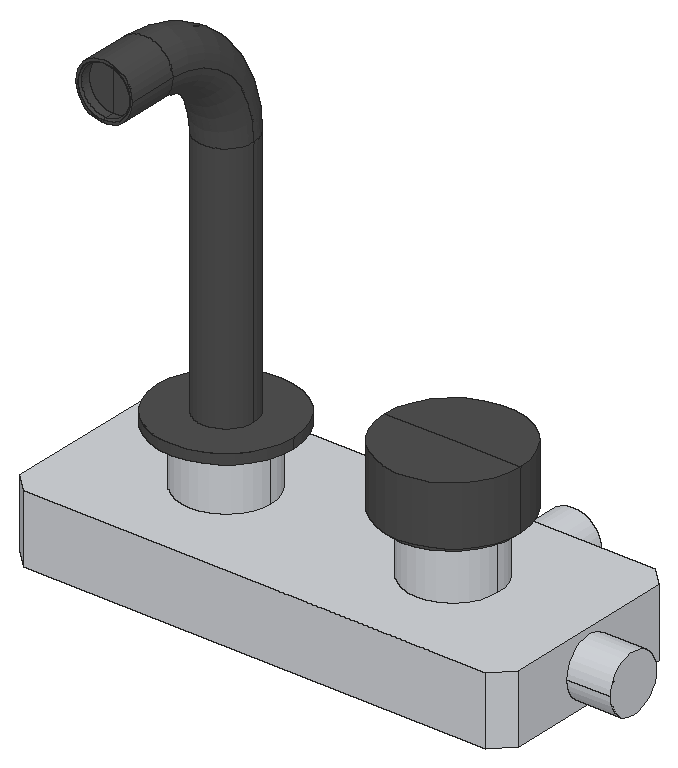
Revit family "Reece_Tap_Milli_Pure_Basin Mixer_Progressive_Wall Mounted_160 mm", category Plumbing Fixtures, host Face, Revit 2018
Family settings
  Host = Face
  Round Connector Dimension = Use Diameter
  Part Type = Normal
  Cut with Voids When Loaded = No
  Shared = Yes
  Room Calculation Point = Yes
Parameters (values of type "Matte Black")
  WFU = 0  # constant formula
  URL = "https://www.reece.com.au/product/-2299008"
  Type Comments = "Tap"
  Reece_Tap_Reach = 160 mm  # constant formula
  Reece_Tap_Inlet = 12 mm  # constant formula
  Reece_Product_Web Page = "https://www.reece.com.au/product/-2299008"
  Reece_Product_Type = "Tap"  # constant formula
  Reece_Product_Sub Brand = "Pure"  # constant formula
  Reece_Product_Number = "2299008"
  Reece_Product_Mount = "Wall Mounted"
  Reece_Product_Description = "Milli Pure Progressive Wall Basin Mixer Tap System 160mm Matte Black (3 Star)"
  Reece_Product_Brand = "Milli"  # constant formula
  Reece_Overall_Length = 172.5 mm  # constant formula
  Reece_Material_Main = Reece_Brass_Matte Black
  Reece_Detail_Tap_Handle Texture = ""
  Reece_Detail_Installation = ""
  Reece_Detail_Disclaimer = "THIS FILE IS THE PROPERTY OF THE REECE GROUP. IT MAY NOT BE REPRODUCED, REVERSE-ENGINEERED OR MODIFIED. ANY REPUBLICATION, TRANSMISSION OR DISTRIBUTION FOR THE PURPOSE OF COMMERCIALLY EXPLOITING THE FILES IS PROHIBITED."  # constant formula
  Reece_Detail_Connector = ""
  Reece_Detail_Additional = "Basin Mixer"  # constant formula
  Model = "Pure"
  Manufacturer = "Milli"
  Keynote = "Product #2299008, Reece_Tap_Milli_Pure_Basin Mixer_Progressive_Wall Mounted_160 mm - Matte Black"
  HWFU = 0  # constant formula
  Disclaimer = "THIS FILE IS THE PROPERTY OF THE REECE GROUP. IT MAY NOT BE REPRODUCED, REVERSE-ENGINEERED OR MODIFIED. ANY REPUBLICATION, TRANSMISSION OR DISTRIBUTION FOR THE PURPOSE OF COMMERCIALLY EXPLOITING THE FILES IS PROHIBITED."  # constant formula
  Description = "Milli Pure Progressive Wall Basin Mixer Tap System 160mm Matte Black (3 Star)"
  Default Elevation = 1000 mm
  CWFU = 0  # constant formula
Types (5, lengths in mm): name | URL | Reece_Product_Web Page | Reece_Product_Number | Reece_Product_Description | Reece_Material_Main | Keynote | Description
  Brushed Gunmetal | "https://www.reece.com.au/product/-2299014" | "https://www.reece.com.au/product/-2299014" | "2299014" | "Milli Pure Progressive Wall Basin Mixer Tap System 160mm Brushed Gunmetal (3 Star)" | Reece_Brass_Brushed Gunmetal | "Product #2299014, Reece_Tap_Milli_Pure_Basin Mixer_Progressive_Wall Mounted_160 mm - Brushed Gunmetal" | "Milli Pure Progressive Wall Basin Mixer Tap System 160mm Brushed Gunmetal (3 Star)"
  Chrome | "https://www.reece.com.au/product/-2299005" | "https://www.reece.com.au/product/-2299005" | "2299005" | "Milli Pure Progressive Wall Basin Mixer Tap System 160mm Chrome (3 Star)" | Reece_Brass_Chrome | "Product #2299005, Reece_Tap_Milli_Pure_Basin Mixer_Progressive_Wall Mounted_160 mm - Chrome" | "Milli Pure Progressive Wall Basin Mixer Tap System 160mm Chrome (3 Star)"
  Matte Black | "https://www.reece.com.au/product/-2299008" | "https://www.reece.com.au/product/-2299008" | "2299008" | "Milli Pure Progressive Wall Basin Mixer Tap System 160mm Matte Black (3 Star)" | Reece_Brass_Matte Black | "Product #2299008, Reece_Tap_Milli_Pure_Basin Mixer_Progressive_Wall Mounted_160 mm - Matte Black" | "Milli Pure Progressive Wall Basin Mixer Tap System 160mm Matte Black (3 Star)"
  PVD Brushed Bronze | "https://www.reece.com.au/product/-9511147" | "https://www.reece.com.au/product/-9511147" | "9511147" | "Milli Pure Progressive Wall Basin Mixer Tap System 160mm PVD Brushed Bronze (3 Star)" | Reece_PVD_Brushed Bronze | "Product #9511147, Reece_Tap_Milli_Pure_Basin Mixer_Progressive_Wall Mounted_160 mm - PVD Brushed Bronze" | "Milli Pure Progressive Wall Basin Mixer Tap System 160mm PVD Brushed Bronze (3 Star)"
  PVD Brushed Gold | "https://www.reece.com.au/product/-9510962" | "https://www.reece.com.au/product/-9510962" | "9510962" | "Milli Pure Progressive Wall Basin Mixer Tap System 160mm PVD Brushed Gold (3 Star)" | Reece_PVD_Brushed Gold | "Product #9510962, Reece_Tap_Milli_Pure_Basin Mixer_Progressive_Wall Mounted_160 mm - PVD Brushed Gold" | "Milli Pure Progressive Wall Basin Mixer Tap System 160mm PVD Brushed Gold (3 Star)"
Reference planes
  plane 1 "Center (Front/Back)": y = 0
  plane 2 "Bottom": z = 0
  plane 3 "Center (Left/Right)": x = 0
  plane 4 "Top": z = 172.5
  plane 5: z = 160
  plane 6: y = -67
Forms (mm)
  Extrusion 1, solid, material "Reece_Brass_Matte Black" <- "Reece_Material_Main"
    sketch origin (0, 0, 0) x (1, 0, 0) y (0, 1, 0)
      loop
        circle (-50, 0) r 30
    from 0 to 4.5
  Extrusion 2, solid, material "Reece_Brass_Matte Black" <- "Reece_Material_Main"
    sketch origin (0, 0, 0) x (1, 0, 0) y (0, 1, 0)
      loop
        circle (50, 0) r 28
    from 2 to 0
  Revolve 3, solid, material "Reece_Brass_Matte Black" <- "Reece_Material_Main"
    sketch origin (0, 0, 0) x (1, 0, 0) y (0, 0, 1)
      loop
        line (80, 28) -> (50, 28) -> (50, 2) -> (80, 2) -> (80, 28)
      axis (50, 2) -> (50, 28)
    angle from 0 to 360
  Sweep 4, solid, material "Reece_Brass_Matte Black" <- "Reece_Material_Main"
    path origin (0, 0, 0) x (0, 1, 0) y (0, 0, 1)
      loop
        line (-67, 160) -> (-45, 160)
        arc (-45, 160) -> (-13.18, 146.82) -> (0, 115) r 45
        line (0, 115) -> (0, 0)
    profile origin (0, 0, 57.5) x (1, 0, 0) y (0, 1, 0)
      loop
        circle (-50, 0) r 12.5
      loop
        circle (-50, 0) r 11.5
  Revolve 5, solid, material "Reece_Brass_Matte Black" <- "Reece_Material_Main"
    sketch origin (-50, -183.21, 28.488) x (0, 0.572951, -0.81959) y (0, 0.81959, 0.572951)
      loop
        line (-38.39, 174.619) -> (-37.119, 176.437) -> (-46.38, 182.911) -> (-50.465, 177.068) -> (-49.461, 177.508) -> (-47.184, 180.766) -> (-38.39, 174.619)
      axis (-37.119, 176.437) -> (-41.203, 170.594)
    angle from 0 to 360
  Extrusion 6, solid
    sketch origin (0, 0, 0) x (1, 0, 0) y (0, 1, 0)
      loop
        circle (50, 0) r 20
    from 0 to -25
  Extrusion 7, solid
    sketch origin (0, 0, 0) x (1, 0, 0) y (0, 1, 0)
      loop
        line (-101.853, 46.5) -> (-110, 38.353) -> (-110, -38.353) -> (-101.853, -46.5) -> (101.853, -46.5) -> (110, -38.353) -> (110, 38.353) -> (101.853, 46.5) -> (-101.853, 46.5)
    from -55 to -25
  Extrusion 8, solid
    sketch origin (-100, 0, 0) x (1, 0, 0) y (0, 1, 0)
      loop
        circle (50, 0) r 20
    from 0 to -25
  Extrusion 9, solid
    sketch origin (0, 0, 0) x (1, 0, 0) y (0, 0, 1)
      loop
        circle (50, -40) r 12.5
    from -66.119 to -46.5
  Extrusion 10, solid
    sketch origin (63.5, 50, 0) x (0, -1, 0) y (0, 0, 1)
      loop
        circle (50, -40) r 12.5
    from -66.119 to -46.5
  Extrusion 11, void
    sketch origin (-100, 0, 0) x (1, 0, 0) y (0, 1, 0)
      loop
        circle (50, 0) r 25
    from 0 to -30
  Extrusion 12, void
    sketch origin (100, 0, 0) x (-1, 0, 0) y (0, -1, 0)
      loop
        circle (50, 0) r 25
    from 0 to -30
Cuts and joins
  Extrusion 12 cuts Extrusion 1
  Extrusion 12 cuts Sweep 4
  joined: Extrusion 1, Sweep 4
  Extrusion 12 cuts Extrusion 8
  Extrusion 12 cuts Extrusion 9
  Extrusion 12 cuts Extrusion 10
  joined: Extrusion 6, Extrusion 7, Extrusion 8, Extrusion 9, Extrusion 10
Text (mm)
  text "Reece Copyright © 2018, Reece Ltd." at (-1403.988, -1192.393, 0), in view "Ref. Level"
  text "Reece ©" at (7.559, 166.241, 136.461), in view "Reece Preview"
Dimensions and locks
  "Reece_Tap_Reach": plane 5 to plane 2 "Bottom"
  plane 1 "Center (Front/Back)" to plane 6 = 67 mm
  locked: plane 4 "Top" to plane 5 at 12.5
  "Reece_Overall_Length": plane 4 "Top" to plane 2 "Bottom"
  aligned and locked: plane 2 "Bottom" to host face
  aligned and locked: level to host face
  aligned and locked: plane 5 to Sweep 4 sketch curve
  aligned and locked: host face to Extrusion 11
  aligned and locked: plane 6 to Sweep 4 sketch curve
Automatic sketch dimensions
  host sketch curve to host sketch curve = 380.785 mm
  host sketch curve to host sketch curve = 317.421 mm
  plane 1 "Center (Front/Back)" to Extrusion 1 sketch curve = 0 mm
  Extrusion 1 sketch curve to plane 3 "Center (Left/Right)" = 50 mm
  plane 1 "Center (Front/Back)" to Extrusion 2 sketch curve = 0 mm
  plane 3 "Center (Left/Right)" to Extrusion 2 sketch curve = 50 mm
  plane 3 "Center (Left/Right)" to Revolve 3 sketch curve = 50 mm
  level to Revolve 3 sketch curve = 2 mm
  Revolve 3 sketch curve to Revolve 3 sketch curve = 0 mm  (x2)
  Revolve 3 sketch curve to Revolve 3 sketch curve = 10 mm
  level to Sweep 4 sketch curve = 0 mm
  Sweep 4 sketch curve to plane 1 "Center (Front/Back)" = 0 mm
  Sweep 4 sketch curve to plane 6 = 22 mm
  Sweep 4 sketch curve to Sweep 4 sketch curve = 0 mm  (x2)
  profile plane to Sweep 4 sketch curve = 0 mm
  Sweep 4 sketch curve to plane 3 "Center (Left/Right)" = 50 mm
  Revolve 5 sketch curve to plane 5 = 0 mm  (x4)
  Revolve 5 sketch curve to plane 6 = 0 mm
  Revolve 5 sketch curve to plane 4 "Top" = 1.2 mm
  Revolve 5 sketch curve to Revolve 5 sketch curve = 1.003 mm
  Revolve 5 sketch curve to Revolve 5 sketch curve = 2.278 mm
  Revolve 5 sketch curve to Revolve 5 sketch curve = 0.803 mm
  Revolve 5 sketch curve to Revolve 5 sketch curve = 1.271 mm
  Revolve 5 sketch curve to Revolve 5 sketch curve = 17.422 mm
  Revolve 5 sketch curve to Revolve 5 sketch curve = 3.892 mm
  Extrusion 6 sketch curve to Extrusion 6 sketch curve = 0 mm  (x2)
  plane 1 "Center (Front/Back)" to Extrusion 6 sketch curve = 0 mm
  plane 3 "Center (Left/Right)" to Extrusion 6 sketch curve = 50 mm
  Extrusion 6 sketch curve to Extrusion 6 sketch curve = 20 mm
  Extrusion 7 sketch curve to Extrusion 7 sketch curve = 8.147 mm  (x7)
  Extrusion 7 sketch curve to plane 1 "Center (Front/Back)" = 46.5 mm
  Extrusion 7 sketch curve to plane 3 "Center (Left/Right)" = 101.853 mm
  Extrusion 7 sketch curve to plane 6 = 20.5 mm
  Extrusion 7 sketch curve to Extrusion 7 sketch curve = 0 mm
  Extrusion 8 sketch curve to Extrusion 8 sketch curve = 0 mm  (x2)
  plane 1 "Center (Front/Back)" to Extrusion 8 sketch curve = 0 mm
  Extrusion 8 sketch curve to plane 3 "Center (Left/Right)" = 50 mm
  Extrusion 8 sketch curve to Extrusion 8 sketch curve = 20 mm
  plane 3 "Center (Left/Right)" to Extrusion 9 sketch curve = 50 mm
  Extrusion 9 sketch curve to level = 40 mm
  Extrusion 10 sketch curve to plane 1 "Center (Front/Back)" = 0 mm
  Extrusion 10 sketch curve to level = 40 mm
  Extrusion 11 sketch curve to Extrusion 11 sketch curve = 0 mm  (x2)
  plane 1 "Center (Front/Back)" to Extrusion 11 sketch curve = 0 mm
  Extrusion 11 sketch curve to plane 3 "Center (Left/Right)" = 50 mm
  Extrusion 11 sketch curve to Extrusion 11 sketch curve = 25 mm
  Extrusion 12 sketch curve to Extrusion 12 sketch curve = 0 mm  (x2)
  plane 1 "Center (Front/Back)" to Extrusion 12 sketch curve = 0 mm
  Extrusion 12 sketch curve to plane 3 "Center (Left/Right)" = 50 mm
  Extrusion 12 sketch curve to Extrusion 12 sketch curve = 25 mm
  plane 3 "Center (Left/Right)" to Extrusion 7 sketch curve = 101.853 mm
  Revolve 3 sketch curve to Revolve 3 sketch curve = 30 mm
  Revolve 3 sketch curve to Revolve 3 sketch curve = 26 mm
  radius of Extrusion 1 sketch curve = 30 mm
  radius of Extrusion 2 sketch curve = 28 mm
  radius of Sweep 4 sketch curve = 12.5 mm
  radius of Sweep 4 sketch curve = 11.5 mm
  radius of Extrusion 9 sketch curve = 12.5 mm
  radius of Extrusion 10 sketch curve = 12.5 mm
Connectors
  piping at (50, 66.119, -40), diameter 12, driven by "Reece_Tap_Inlet"
    settings: on cut or joined group of Extrusion 6, Extrusion 7, Extrusion 8, Extrusion 9, Extrusion 10, Extrusion 12, index 1, connector inside diameter 609.6 mm, connector length 0 mm, flow factor 0, pipe flow 0.0 L/s, pressure drop 0.0 Pa, fitting loss kfactor 0, connector angle 0.00°, fixture units 0, engagement length 0 mm, angle of deflection 0.00°, flow configuration 0, flow direction 1, fitting loss method 0, system type 29, joint type 0, gender type 0, connector reference index -1, connector utility 0, adjustable connector no, is connector primary yes, connector description ""
  piping at (129.619, 0, -40), diameter 12, driven by "Reece_Tap_Inlet"
    settings: on cut or joined group of Extrusion 6, Extrusion 7, Extrusion 8, Extrusion 9, Extrusion 10, Extrusion 12, index 2, connector inside diameter 609.6 mm, connector length 0 mm, flow factor 0, pipe flow 0.0 L/s, pressure drop 0.0 Pa, fitting loss kfactor 0, connector angle 0.00°, fixture units 0, engagement length 0 mm, angle of deflection 0.00°, flow configuration 0, flow direction 1, fitting loss method 0, system type 29, joint type 0, gender type 0, connector reference index -1, connector utility 0, adjustable connector no, is connector primary no, connector description ""
